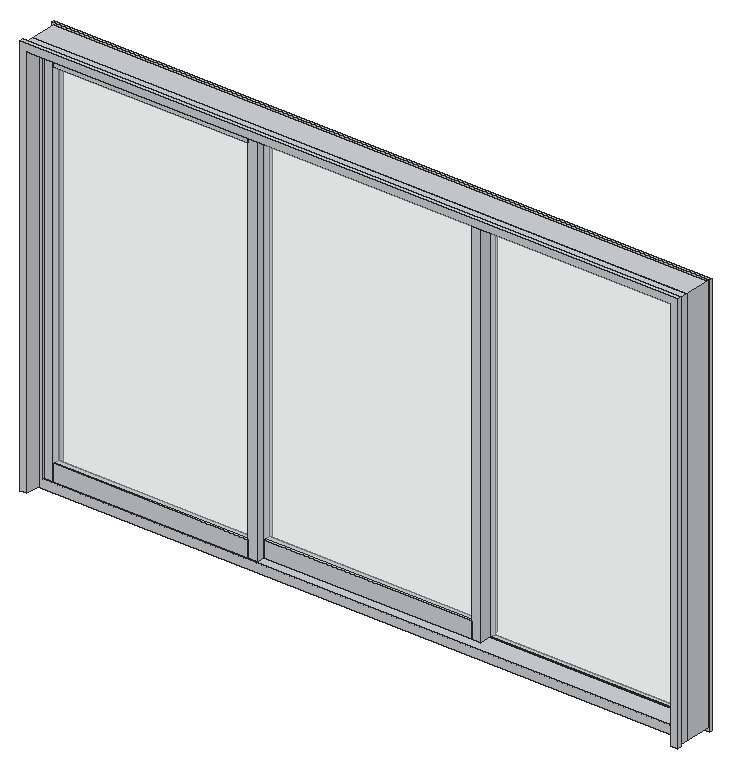
Revit family "APL Residential Thermal Heart Sliding Door SSF", category Doors, host Wall, Revit 2017 (continued)
Definition of nested family "APL Residential Thermal Heart Sliding Door SSF Horizontal Section"
  Definition of nested family "Reverse Interlocker"
    Lines and regions (mm)
      detail lines, in view "Ref. Level", not visible
        curve 14: line (36.179, -12.789, 0) -> (36.179, -14.039, 0)
        curve 15: line (36.179, -14.039, 0) -> (34.887, -14.039, 0)
        curve 16: line (34.887, -14.039, 0) -> (33.161, -9.933, 0)
    Nested families
      nested 1: "65500_Interlocker Stile" at (-26.59, -6.05, 0) x (-1, 0, 0) z (0, 0, 1), type "65500_Interlocker Stile", in view "Ref. Level"
      nested 2: "65510_Reverse Interlocker Stile" at (25.41, 0, 0) x (-1, 0, 0) z (0, 0, 1), type "65510_Reverse Interlocker Stile", in view "Ref. Level"
    Definition of nested family "65500_Interlocker Stile"
      Reference planes
        plane 1 "Center (Front/Back)": y = 0
        plane 2: z = 0
        plane 3 "Center (Left/Right)": x = 0
      Lines and regions (mm)
        model lines, in view "Ref. Level"
          curve 1: arc (-13.564, 1.218, 0) -> (-13.278, 1.262, 0) -> (-13.162, 1.526, 0) r 0.3
          curve 2: arc (-13.369, 3.892, 0) -> (-13.396, 3.992, 0) -> (-13.456, 4.078, 0) r 0.3
          curve 3: arc (-13.819, 4.441, 0) -> (-14.013, 4.493, 0) -> (-14.154, 4.352, 0) r 0.2
          curve 4: arc (-14.199, 4.184, 0) -> (-14.251, 4.095, 0) -> (-14.34, 4.043, 0) r 0.2
          curve 5: arc (-16.561, 3.5, 0) -> (-16.841, 3.693, 0) -> (-16.761, 4.024, 0) r 0.3
          curve 6: arc (-16.761, 4.024, 0) -> (-16.687, 4.125, 0) -> (-16.661, 4.247, 0) r 0.3
          curve 7: arc (-16.855, 8.25, 0) -> (-16.819, 8.422, 0) -> (-16.661, 8.5, 0) r 0.2
          curve 8: arc (-16.14, 8.5, 0) -> (-16.059, 8.489, 0) -> (-15.983, 8.456, 0) r 0.3
          curve 9: arc (-14.73, 7.691, 0) -> (-14.733, 7.521, 0) -> (-14.627, 7.389, 0) r 0.25
          curve 10: arc (-14.541, 7.337, 0) -> (-14.289, 7.332, 0) -> (-14.161, 7.549, 0) r 0.25
          curve 11: arc (-14.161, 7.8, 0) -> (-14.102, 7.941, 0) -> (-13.961, 8, 0) r 0.2
          curve 12: arc (-13.688, 8, 0) -> (-13.573, 8.036, 0) -> (-13.5, 8.132, 0) r 0.2
          curve 13: arc (-13.266, 8.775, 0) -> (-13.244, 8.859, 0) -> (-13.236, 8.946, 0) r 0.5
          curve 14: arc (-13.236, 9.9, 0) -> (-13.382, 10.254, 0) -> (-13.736, 10.4, 0) r 0.5
          curve 15: arc (-24.052, 10.4, 0) -> (-24.41, 10.544, 0) -> (-24.559, 10.9, 0) r 0.5
          curve 16: arc (-24.559, 14.446, 0) -> (-24.704, 14.802, 0) -> (-25.059, 14.95, 0) r 0.5
          curve 17: arc (-27.408, 14.95, 0) -> (-27.627, 14.823, 0) -> (-27.622, 14.57, 0) r 0.25
          curve 18: arc (-27.57, 14.484, 0) -> (-27.437, 14.378, 0) -> (-27.268, 14.381, 0) r 0.25
          curve 19: arc (-26.503, 13.127, 0) -> (-26.47, 13.052, 0) -> (-26.459, 12.971, 0) r 0.3
          curve 20: arc (-26.459, 12.45, 0) -> (-26.536, 12.292, 0) -> (-26.709, 12.256, 0) r 0.2
          curve 21: arc (-30.711, 12.45, 0) -> (-30.834, 12.424, 0) -> (-30.935, 12.35, 0) r 0.3
          curve 22: arc (-30.935, 12.35, 0) -> (-31.266, 12.27, 0) -> (-31.459, 12.55, 0) r 0.3
          curve 23: arc (-30.916, 14.771, 0) -> (-30.864, 14.86, 0) -> (-30.774, 14.912, 0) r 0.2
          curve 24: arc (-30.607, 14.957, 0) -> (-30.465, 15.098, 0) -> (-30.517, 15.291, 0) r 0.2
          curve 25: arc (-30.881, 15.655, 0) -> (-30.966, 15.715, 0) -> (-31.067, 15.742, 0) r 0.3
          curve 26: arc (-33.432, 15.949, 0) -> (-33.697, 15.833, 0) -> (-33.741, 15.547, 0) r 0.3
          curve 27: arc (-33.227, 14.137, 0) -> (-33.14, 14.011, 0) -> (-33.002, 13.945, 0) r 0.3
          curve 28: arc (-33.002, 13.945, 0) -> (-32.759, 13.672, 0) -> (-32.959, 13.367, 0) r 0.3
          curve 29: arc (-32.959, 12.624, 0) -> (-33.017, 12.482, 0) -> (-33.159, 12.424, 0) r 0.2
          curve 30: arc (-35.159, 12.424, 0) -> (-35.512, 12.277, 0) -> (-35.659, 11.924, 0) r 0.5
          curve 31: arc (-35.659, 10.05, 0) -> (-35.717, 9.908, 0) -> (-35.859, 9.85, 0) r 0.2
          curve 32: arc (-45.581, 9.85, 0) -> (-45.935, 9.996, 0) -> (-46.081, 10.349, 0) r 0.499
          curve 33: arc (-46.081, 10.75, 0) -> (-45.935, 11.104, 0) -> (-45.581, 11.25, 0) r 0.5
          curve 34: arc (-44.831, 11.25, 0) -> (-44.69, 11.309, 0) -> (-44.631, 11.45, 0) r 0.2
          curve 35: arc (-44.631, 12.05, 0) -> (-44.69, 12.191, 0) -> (-44.831, 12.25, 0) r 0.2
          curve 36: arc (-47.931, 12.25, 0) -> (-48.072, 12.191, 0) -> (-48.131, 12.05, 0) r 0.2
          curve 37: arc (-48.131, 11.45, 0) -> (-48.072, 11.309, 0) -> (-47.931, 11.25, 0) r 0.2
          curve 38: arc (-47.581, 11.25, 0) -> (-47.44, 11.191, 0) -> (-47.381, 11.05, 0) r 0.2
          curve 39: arc (-47.381, 10.45, 0) -> (-47.44, 10.309, 0) -> (-47.581, 10.25, 0) r 0.2
          curve 40: arc (-47.931, 10.25, 0) -> (-48.072, 10.191, 0) -> (-48.131, 10.05, 0) r 0.2
          curve 41: arc (-48.131, 9.749, 0) -> (-48.277, 9.395, 0) -> (-48.631, 9.249, 0) r 0.5
          curve 42: arc (-49.631, 9.249, 0) -> (-49.985, 9.395, 0) -> (-50.131, 9.749, 0) r 0.5
          curve 43: arc (-50.131, 10.05, 0) -> (-50.19, 10.191, 0) -> (-50.331, 10.25, 0) r 0.2
          curve 44: arc (-50.681, 10.25, 0) -> (-50.822, 10.309, 0) -> (-50.881, 10.45, 0) r 0.2
          curve 45: arc (-50.881, 11.05, 0) -> (-50.822, 11.191, 0) -> (-50.681, 11.25, 0) r 0.2
          curve 46: arc (-50.331, 11.25, 0) -> (-50.19, 11.309, 0) -> (-50.131, 11.45, 0) r 0.2
          curve 47: arc (-50.131, 12.05, 0) -> (-50.19, 12.191, 0) -> (-50.331, 12.25, 0) r 0.2
          curve 48: arc (-51.761, 12.25, 0) -> (-51.902, 12.191, 0) -> (-51.961, 12.05, 0) r 0.2
          curve 49: arc (-52.336, 8.799, 0) -> (-52.711, 8.424, 0) -> (-52.336, 8.049, 0) r 0.375
          curve 50: arc (-33.059, 8.05, 0) -> (-32.559, 8.55, 0) -> (-33.059, 9.05, 0) r 0.5
          curve 51: arc (-33.959, 9.05, 0) -> (-34.1, 9.109, 0) -> (-34.159, 9.25, 0) r 0.2
          curve 52: arc (-34.159, 10.35, 0) -> (-34.1, 10.491, 0) -> (-33.959, 10.55, 0) r 0.2
          curve 53: arc (-26.659, 10.55, 0) -> (-26.517, 10.491, 0) -> (-26.459, 10.35, 0) r 0.2
          curve 54: arc (-26.459, 9.25, 0) -> (-26.517, 9.109, 0) -> (-26.659, 9.05, 0) r 0.2
          curve 55: arc (-27.559, 9.05, 0) -> (-28.059, 8.55, 0) -> (-27.559, 8.05, 0) r 0.5
          curve 56: arc (-19.061, 8.05, 0) -> (-18.707, 7.904, 0) -> (-18.561, 7.55, 0) r 0.5
          curve 57: arc (-18.561, 2.6, 0) -> (-18.854, 1.893, 0) -> (-19.561, 1.6, 0) r 1
          curve 58: arc (-28.809, 1.6, 0) -> (-29.609, 0.8, 0) -> (-28.809, 0, 0) r 0.8
          curve 59: arc (-17.661, 0, 0) -> (-16.954, 0.293, 0) -> (-16.661, 1, 0) r 1
          curve 60: arc (-16.661, 1.8, 0) -> (-16.602, 1.941, 0) -> (-16.461, 2, 0) r 0.2
          curve 61: arc (-15.744, 2, 0) -> (-15.438, 2.199, 0) -> (-15.166, 1.957, 0) r 0.3
          curve 62: arc (-15.166, 1.957, 0) -> (-15.1, 1.819, 0) -> (-14.974, 1.732, 0) r 0.3
          curve 63: line (-13.162, 1.526, 0) -> (-13.369, 3.892, 0)
          curve 64: line (-13.456, 4.078, 0) -> (-13.819, 4.441, 0)
          curve 65: line (-14.154, 4.352, 0) -> (-14.199, 4.184, 0)
          curve 66: line (-14.199, 4.184, 0) -> (-16.329, 3.51, 0)
          curve 67: line (-16.329, 3.51, 0) -> (-16.561, 3.5, 0)
          curve 68: line (-16.661, 4.247, 0) -> (-16.661, 7.475, 0)
          curve 69: line (-16.661, 7.475, 0) -> (-16.855, 8.25, 0)
          curve 70: line (-16.661, 8.5, 0) -> (-16.14, 8.5, 0)
          curve 71: line (-16.14, 8.5, 0) -> (-14.73, 7.691, 0)
          curve 72: line (-14.161, 7.549, 0) -> (-14.161, 7.8, 0)
          curve 73: line (-13.961, 8, 0) -> (-13.688, 8, 0)
          curve 74: line (-13.5, 8.132, 0) -> (-13.266, 8.775, 0)
          curve 75: line (-13.236, 8.946, 0) -> (-13.236, 9.9, 0)
          curve 76: line (-13.736, 10.4, 0) -> (-24.052, 10.4, 0)
          curve 77: line (-24.559, 10.9, 0) -> (-24.559, 14.446, 0)
          curve 78: line (-25.059, 14.95, 0) -> (-27.408, 14.95, 0)
          curve 79: line (-27.268, 14.381, 0) -> (-26.503, 13.127, 0)
          curve 80: line (-26.503, 13.127, 0) -> (-26.459, 12.45, 0)
          curve 81: line (-26.709, 12.256, 0) -> (-27.459, 12.45, 0)
          curve 82: line (-27.434, 12.444, 0) -> (-30.711, 12.45, 0)
          curve 83: line (-31.459, 12.704, 0) -> (-30.916, 14.771, 0)
          curve 84: line (-30.916, 14.771, 0) -> (-30.607, 14.957, 0)
          curve 85: line (-30.517, 15.291, 0) -> (-30.881, 15.655, 0)
          curve 86: line (-31.067, 15.742, 0) -> (-33.432, 15.949, 0)
          curve 87: line (-33.741, 15.547, 0) -> (-33.227, 14.137, 0)
          curve 88: line (-32.959, 13.367, 0) -> (-32.959, 12.624, 0)
          curve 89: line (-33.159, 12.424, 0) -> (-35.159, 12.424, 0)
          curve 90: line (-35.659, 11.924, 0) -> (-35.659, 10.05, 0)
          curve 91: line (-35.859, 9.85, 0) -> (-45.581, 9.85, 0)
          curve 92: line (-46.081, 10.349, 0) -> (-46.081, 10.75, 0)
          curve 93: line (-45.581, 11.25, 0) -> (-44.831, 11.25, 0)
          curve 94: line (-44.631, 11.45, 0) -> (-44.631, 12.05, 0)
          curve 95: line (-44.831, 12.25, 0) -> (-47.931, 12.25, 0)
          curve 96: line (-48.131, 12.05, 0) -> (-48.131, 11.45, 0)
          curve 97: line (-47.931, 11.25, 0) -> (-47.581, 11.25, 0)
          curve 98: line (-47.381, 11.05, 0) -> (-47.381, 10.45, 0)
          curve 99: line (-47.581, 10.25, 0) -> (-47.931, 10.25, 0)
          curve 100: line (-48.131, 10.05, 0) -> (-48.131, 9.749, 0)
          curve 101: line (-48.631, 9.249, 0) -> (-49.631, 9.249, 0)
          curve 102: line (-50.131, 9.749, 0) -> (-50.131, 10.05, 0)
          curve 103: line (-50.331, 10.25, 0) -> (-50.681, 10.25, 0)
          curve 104: line (-50.881, 10.45, 0) -> (-50.881, 11.05, 0)
          curve 105: line (-50.681, 11.25, 0) -> (-50.331, 11.25, 0)
          curve 106: line (-50.131, 11.45, 0) -> (-50.131, 12.05, 0)
          curve 107: line (-50.331, 12.25, 0) -> (-51.761, 12.25, 0)
          curve 108: line (-51.961, 12.05, 0) -> (-51.961, 8.799, 0)
          curve 109: line (-51.961, 8.799, 0) -> (-52.336, 8.799, 0)
          curve 110: line (-52.336, 8.049, 0) -> (-33.059, 8.049, 0)
          curve 111: line (-33.059, 9.05, 0) -> (-33.959, 9.05, 0)
          curve 112: line (-34.159, 9.25, 0) -> (-34.159, 10.35, 0)
          curve 113: line (-33.959, 10.55, 0) -> (-26.659, 10.55, 0)
          curve 114: line (-26.459, 10.35, 0) -> (-26.459, 9.25, 0)
          curve 115: line (-26.659, 9.05, 0) -> (-27.559, 9.05, 0)
          curve 116: line (-27.559, 8.05, 0) -> (-19.061, 8.05, 0)
          curve 117: line (-18.561, 7.55, 0) -> (-18.561, 2.6, 0)
          curve 118: line (-19.561, 1.6, 0) -> (-28.809, 1.6, 0)
          curve 119: line (-28.809, 0, 0) -> (-17.661, 0, 0)
          curve 120: line (-16.661, 1, 0) -> (-16.661, 1.8, 0)
          curve 121: line (-16.461, 2, 0) -> (-15.744, 2, 0)
          curve 122: line (-14.974, 1.732, 0) -> (-13.564, 1.218, 0)
          curve 123: arc (-31.398, 41.7, 0) -> (-31.251, 42.054, 0) -> (-30.898, 42.2, 0) r 0.5
          curve 124: arc (-2.1, 42.2, 0) -> (-1.746, 42.054, 0) -> (-1.6, 41.7, 0) r 0.5
          curve 125: arc (-1.6, 10.9, 0) -> (-1.746, 10.546, 0) -> (-2.1, 10.4, 0) r 0.5
          curve 126: arc (-4.86, 10.4, 0) -> (-5.213, 10.254, 0) -> (-5.36, 9.9, 0) r 0.5
          curve 127: arc (-5.36, 9.042, 0) -> (-5.352, 8.955, 0) -> (-5.33, 8.871, 0) r 0.5
          curve 128: arc (-5.061, 8.132, 0) -> (-4.987, 8.036, 0) -> (-4.873, 8, 0) r 0.2
          curve 129: arc (-4.6, 8, 0) -> (-4.459, 7.941, 0) -> (-4.4, 7.8, 0) r 0.2
          curve 130: arc (-4.4, 7.55, 0) -> (-4.272, 7.332, 0) -> (-4.02, 7.337, 0) r 0.25
          curve 131: arc (-3.934, 7.389, 0) -> (-3.828, 7.521, 0) -> (-3.831, 7.691, 0) r 0.25
          curve 132: arc (-2.577, 8.456, 0) -> (-2.502, 8.489, 0) -> (-2.421, 8.5, 0) r 0.3
          curve 133: arc (-1.9, 8.5, 0) -> (-1.742, 8.422, 0) -> (-1.706, 8.25, 0) r 0.2
          curve 134: arc (-1.9, 4.247, 0) -> (-1.874, 4.125, 0) -> (-1.8, 4.024, 0) r 0.3
          curve 135: arc (-1.8, 4.024, 0) -> (-1.72, 3.693, 0) -> (-2, 3.5, 0) r 0.3
          curve 136: arc (-4.221, 4.043, 0) -> (-4.31, 4.095, 0) -> (-4.362, 4.184, 0) r 0.2
          curve 137: arc (-4.407, 4.352, 0) -> (-4.548, 4.493, 0) -> (-4.741, 4.441, 0) r 0.2
          curve 138: arc (-5.105, 4.078, 0) -> (-5.165, 3.992, 0) -> (-5.192, 3.892, 0) r 0.3
          curve 139: arc (-5.399, 1.526, 0) -> (-5.283, 1.262, 0) -> (-4.997, 1.218, 0) r 0.3
          curve 140: arc (-3.587, 1.732, 0) -> (-3.461, 1.819, 0) -> (-3.395, 1.957, 0) r 0.3
          curve 141: arc (-3.395, 1.957, 0) -> (-3.122, 2.199, 0) -> (-2.817, 2, 0) r 0.3
          curve 142: arc (-2.1, 2, 0) -> (-1.959, 1.941, 0) -> (-1.9, 1.8, 0) r 0.2
          curve 143: arc (-1.9, 1, 0) -> (-1.607, 0.293, 0) -> (-0.9, 0, 0) r 1
          curve 144: arc (-0.5, 0, 0) -> (-0.146, 0.146, 0) -> (0, 0.5, 0) r 0.5
          curve 145: arc (0, 43, 0) -> (-0.293, 43.707, 0) -> (-1, 44, 0) r 1
          curve 146: arc (-52.375, 44, 0) -> (-52.75, 43.625, 0) -> (-52.375, 43.25, 0) r 0.375
          curve 147: arc (-52, 42.15, 0) -> (-51.941, 42.009, 0) -> (-51.8, 41.95, 0) r 0.2
          curve 148: arc (-50.962, 40.688, 0) -> (-50.917, 40.558, 0) -> (-50.797, 40.488, 0) r 0.2
          curve 149: arc (-48.613, 40.25, 0) -> (-48.454, 40.328, 0) -> (-48.42, 40.502, 0) r 0.2
          curve 150: arc (-48.808, 41.948, 0) -> (-48.773, 42.122, 0) -> (-48.615, 42.2, 0) r 0.2
          curve 151: arc (-33.498, 42.2, 0) -> (-33.144, 42.054, 0) -> (-32.998, 41.7, 0) r 0.5
          curve 152: arc (-32.998, 35.05, 0) -> (-32.939, 34.909, 0) -> (-32.798, 34.85, 0) r 0.2
          curve 153: arc (-26.398, 34.85, 0) -> (-26.256, 34.792, 0) -> (-26.198, 34.65, 0) r 0.2
          curve 154: arc (-26.198, 29.353, 0) -> (-26.255, 29.21, 0) -> (-26.398, 29.15, 0) r 0.2
          curve 155: arc (-32.798, 29.15, 0) -> (-32.939, 29.091, 0) -> (-32.998, 28.95, 0) r 0.2
          curve 156: arc (-32.998, 26.333, 0) -> (-32.799, 26.028, 0) -> (-33.041, 25.755, 0) r 0.3
          curve 157: arc (-33.041, 25.755, 0) -> (-33.179, 25.689, 0) -> (-33.266, 25.563, 0) r 0.3
          curve 158: arc (-33.78, 24.153, 0) -> (-33.736, 23.867, 0) -> (-33.472, 23.751, 0) r 0.3
          curve 159: arc (-31.106, 23.958, 0) -> (-31.005, 23.985, 0) -> (-30.92, 24.045, 0) r 0.3
          curve 160: arc (-30.556, 24.409, 0) -> (-30.505, 24.602, 0) -> (-30.646, 24.743, 0) r 0.2
          curve 161: arc (-30.813, 24.788, 0) -> (-30.903, 24.84, 0) -> (-30.955, 24.929, 0) r 0.2
          curve 162: arc (-31.498, 27.15, 0) -> (-31.305, 27.43, 0) -> (-30.974, 27.35, 0) r 0.3
          curve 163: arc (-30.974, 27.35, 0) -> (-30.873, 27.276, 0) -> (-30.75, 27.25, 0) r 0.3
          curve 164: arc (-26.748, 27.444, 0) -> (-26.575, 27.408, 0) -> (-26.498, 27.25, 0) r 0.2
          curve 165: arc (-26.498, 26.729, 0) -> (-26.509, 26.648, 0) -> (-26.542, 26.573, 0) r 0.3
          curve 166: arc (-27.307, 25.319, 0) -> (-27.477, 25.322, 0) -> (-27.609, 25.216, 0) r 0.25
          curve 167: arc (-27.661, 25.13, 0) -> (-27.666, 24.878, 0) -> (-27.448, 24.75, 0) r 0.25
          curve 168: arc (-25.098, 24.75, 0) -> (-24.744, 24.896, 0) -> (-24.598, 25.25, 0) r 0.5
          curve 169: arc (-24.598, 36.25, 0) -> (-24.656, 36.391, 0) -> (-24.798, 36.45, 0) r 0.2
          curve 170: line (-31.398, 36.65, 0) -> (-31.398, 41.7, 0)
          curve 171: line (-30.898, 42.2, 0) -> (-2.1, 42.2, 0)
          curve 172: line (-1.6, 41.7, 0) -> (-1.6, 10.9, 0)
          curve 173: line (-2.1, 10.4, 0) -> (-4.86, 10.4, 0)
          curve 174: line (-5.36, 9.9, 0) -> (-5.36, 9.042, 0)
          curve 175: line (-5.33, 8.871, 0) -> (-5.061, 8.132, 0)
          curve 176: line (-4.873, 8, 0) -> (-4.6, 8, 0)
          curve 177: line (-4.4, 7.8, 0) -> (-4.4, 7.55, 0)
          curve 178: line (-3.831, 7.691, 0) -> (-2.577, 8.456, 0)
          curve 179: line (-2.577, 8.456, 0) -> (-1.9, 8.5, 0)
          curve 180: line (-1.706, 8.25, 0) -> (-1.894, 7.525, 0)
          curve 181: line (-1.894, 7.525, 0) -> (-1.9, 4.247, 0)
          curve 182: line (-2.154, 3.5, 0) -> (-4.221, 4.043, 0)
          curve 183: line (-4.221, 4.043, 0) -> (-4.407, 4.352, 0)
          curve 184: line (-4.741, 4.441, 0) -> (-5.105, 4.078, 0)
          curve 185: line (-5.192, 3.892, 0) -> (-5.399, 1.526, 0)
          curve 186: line (-4.997, 1.218, 0) -> (-3.587, 1.732, 0)
          curve 187: line (-2.817, 2, 0) -> (-2.1, 2, 0)
          curve 188: line (-1.9, 1.8, 0) -> (-1.9, 1, 0)
          curve 189: line (-0.9, 0, 0) -> (-0.5, 0, 0)
          curve 190: line (0, 0.5, 0) -> (0, 43, 0)
          curve 191: line (-1, 44, 0) -> (-52.375, 44, 0)
          curve 192: line (-52.375, 43.25, 0) -> (-52, 43.25, 0)
          curve 193: line (-52, 43.25, 0) -> (-52, 42.15, 0)
          curve 194: line (-51.8, 41.95, 0) -> (-50.962, 41.95, 0)
          curve 195: line (-50.962, 41.95, 0) -> (-50.962, 40.688, 0)
          curve 196: line (-50.797, 40.488, 0) -> (-49.444, 40.25, 0)
          curve 197: line (-49.444, 40.25, 0) -> (-48.613, 40.25, 0)
          curve 198: line (-48.42, 40.502, 0) -> (-48.808, 41.948, 0)
          curve 199: line (-48.615, 42.2, 0) -> (-33.498, 42.2, 0)
          curve 200: line (-32.998, 41.7, 0) -> (-32.998, 35.05, 0)
          curve 201: line (-32.798, 34.85, 0) -> (-26.398, 34.85, 0)
          curve 202: line (-26.198, 34.65, 0) -> (-26.198, 29.353, 0)
          curve 203: line (-26.398, 29.15, 0) -> (-32.798, 29.15, 0)
          curve 204: line (-32.998, 28.95, 0) -> (-32.998, 26.333, 0)
          curve 205: line (-33.266, 25.563, 0) -> (-33.78, 24.153, 0)
          curve 206: line (-33.472, 23.751, 0) -> (-31.106, 23.958, 0)
          curve 207: line (-30.92, 24.045, 0) -> (-30.556, 24.409, 0)
          curve 208: line (-30.646, 24.743, 0) -> (-30.813, 24.788, 0)
          curve 209: line (-30.813, 24.788, 0) -> (-31.487, 26.918, 0)
          curve 210: line (-31.487, 26.918, 0) -> (-31.498, 27.15, 0)
          curve 211: line (-30.75, 27.25, 0) -> (-27.523, 27.25, 0)
          curve 212: line (-27.523, 27.25, 0) -> (-26.748, 27.444, 0)
          curve 213: line (-26.498, 27.25, 0) -> (-26.498, 26.729, 0)
          curve 214: line (-26.498, 26.729, 0) -> (-27.307, 25.319, 0)
          curve 215: line (-27.448, 24.75, 0) -> (-25.098, 24.75, 0)
          curve 216: line (-24.598, 25.25, 0) -> (-24.598, 36.25, 0)
          curve 217: line (-24.798, 36.45, 0) -> (-31.197, 36.45, 0)
          curve 218: arc (-31.197, 36.45, 0) -> (-31.339, 36.508, 0) -> (-31.398, 36.65, 0) r 0.2
          curve 219: arc (-27.398, 12.45, 0) -> (-27.115, 12.567, 0) -> (-26.998, 12.85, 0) r 0.4
          curve 220: arc (-26.998, 13.143, 0) -> (-27.011, 13.246, 0) -> (-27.052, 13.343, 0) r 0.4
          curve 221: arc (-27.936, 14.871, 0) -> (-28.057, 15.161, 0) -> (-28.098, 15.472, 0) r 1.2
          curve 222: arc (-28.098, 16.395, 0) -> (-28.279, 16.968, 0) -> (-28.756, 17.334, 0) r 1
          curve 223: arc (-30.935, 18.127, 0) -> (-31.125, 18.274, 0) -> (-31.198, 18.503, 0) r 0.4
          curve 224: arc (-31.198, 21.197, 0) -> (-31.125, 21.426, 0) -> (-30.935, 21.573, 0) r 0.4
          curve 225: arc (-28.756, 22.366, 0) -> (-28.279, 22.732, 0) -> (-28.098, 23.305, 0) r 1
          curve 226: arc (-28.098, 24.228, 0) -> (-28.057, 24.539, 0) -> (-27.936, 24.829, 0) r 1.2
          curve 227: arc (-27.052, 26.357, 0) -> (-27.011, 26.454, 0) -> (-26.998, 26.557, 0) r 0.4
          curve 228: arc (-26.998, 26.85, 0) -> (-27.115, 27.133, 0) -> (-27.398, 27.25, 0) r 0.4
          curve 229: arc (-30.798, 27.25, 0) -> (-31.081, 27.133, 0) -> (-31.198, 26.85, 0) r 0.4
          curve 230: arc (-31.198, 26.557, 0) -> (-31.184, 26.454, 0) -> (-31.144, 26.357, 0) r 0.4
          curve 231: arc (-30.259, 24.829, 0) -> (-30.138, 24.535, 0) -> (-30.098, 24.22, 0) r 1.2
          curve 232: arc (-30.098, 24.22, 0) -> (-30.151, 24.045, 0) -> (-30.295, 23.934, 0) r 0.3
          curve 233: arc (-32.735, 23.046, 0) -> (-32.925, 22.899, 0) -> (-32.998, 22.67, 0) r 0.4
          curve 234: arc (-32.998, 17.03, 0) -> (-32.925, 16.801, 0) -> (-32.735, 16.654, 0) r 0.4
          curve 235: arc (-30.295, 15.766, 0) -> (-30.151, 15.655, 0) -> (-30.098, 15.48, 0) r 0.3
          curve 236: arc (-30.098, 15.48, 0) -> (-30.138, 15.165, 0) -> (-30.259, 14.871, 0) r 1.2
          curve 237: arc (-31.144, 13.343, 0) -> (-31.184, 13.246, 0) -> (-31.198, 13.143, 0) r 0.4
          curve 238: arc (-31.198, 12.85, 0) -> (-31.081, 12.567, 0) -> (-30.798, 12.45, 0) r 0.4
          curve 239: line (-26.998, 12.85, 0) -> (-26.998, 13.143, 0)
          curve 240: line (-27.052, 13.343, 0) -> (-27.936, 14.871, 0)
          curve 241: line (-28.098, 15.472, 0) -> (-28.098, 16.395, 0)
          curve 242: line (-28.756, 17.334, 0) -> (-30.935, 18.127, 0)
          curve 243: line (-31.198, 18.503, 0) -> (-31.198, 21.197, 0)
          curve 244: line (-30.935, 21.573, 0) -> (-28.756, 22.366, 0)
          curve 245: line (-28.098, 23.305, 0) -> (-28.098, 24.228, 0)
          curve 246: line (-27.936, 24.829, 0) -> (-27.052, 26.357, 0)
          curve 247: line (-26.998, 26.557, 0) -> (-26.998, 26.85, 0)
          curve 248: line (-27.398, 27.25, 0) -> (-30.798, 27.25, 0)
          curve 249: line (-31.198, 26.85, 0) -> (-31.198, 26.557, 0)
          curve 250: line (-31.144, 26.357, 0) -> (-30.259, 24.829, 0)
          curve 251: line (-30.295, 23.934, 0) -> (-32.735, 23.046, 0)
          curve 252: line (-32.998, 22.67, 0) -> (-32.998, 17.03, 0)
          curve 253: line (-32.735, 16.654, 0) -> (-30.295, 15.766, 0)
          curve 254: line (-30.259, 14.871, 0) -> (-31.144, 13.343, 0)
          curve 255: line (-31.198, 13.143, 0) -> (-31.198, 12.85, 0)
          curve 256: line (-30.798, 12.45, 0) -> (-27.398, 12.45, 0)
          curve 257: arc (-16.7, 4.122, 0) -> (-16.583, 3.839, 0) -> (-16.3, 3.722, 0) r 0.4
          curve 258: arc (-16.007, 3.722, 0) -> (-15.904, 3.736, 0) -> (-15.807, 3.776, 0) r 0.4
          curve 259: arc (-14.279, 4.66, 0) -> (-13.989, 4.781, 0) -> (-13.678, 4.822, 0) r 1.2
          curve 260: arc (-12.755, 4.822, 0) -> (-12.182, 5.003, 0) -> (-11.816, 5.48, 0) r 1
          curve 261: arc (-11.023, 7.659, 0) -> (-10.876, 7.849, 0) -> (-10.647, 7.922, 0) r 0.4
          curve 262: arc (-7.953, 7.922, 0) -> (-7.724, 7.849, 0) -> (-7.577, 7.659, 0) r 0.4
          curve 263: arc (-6.784, 5.48, 0) -> (-6.418, 5.003, 0) -> (-5.845, 4.822, 0) r 1
          curve 264: arc (-4.922, 4.822, 0) -> (-4.611, 4.781, 0) -> (-4.321, 4.66, 0) r 1.2
          curve 265: arc (-2.793, 3.776, 0) -> (-2.696, 3.736, 0) -> (-2.593, 3.722, 0) r 0.4
          curve 266: arc (-2.3, 3.722, 0) -> (-2.017, 3.839, 0) -> (-1.9, 4.122, 0) r 0.4
          curve 267: arc (-1.9, 7.522, 0) -> (-2.017, 7.805, 0) -> (-2.3, 7.922, 0) r 0.4
          curve 268: arc (-2.593, 7.922, 0) -> (-2.696, 7.908, 0) -> (-2.793, 7.868, 0) r 0.4
          curve 269: arc (-4.321, 6.983, 0) -> (-4.615, 6.862, 0) -> (-4.93, 6.822, 0) r 1.2
          curve 270: arc (-4.93, 6.822, 0) -> (-5.105, 6.875, 0) -> (-5.216, 7.019, 0) r 0.3
          curve 271: arc (-6.104, 9.459, 0) -> (-6.251, 9.649, 0) -> (-6.48, 9.722, 0) r 0.4
          curve 272: arc (-12.12, 9.722, 0) -> (-12.349, 9.649, 0) -> (-12.496, 9.459, 0) r 0.4
          curve 273: arc (-13.384, 7.019, 0) -> (-13.495, 6.875, 0) -> (-13.67, 6.822, 0) r 0.3
          curve 274: arc (-13.67, 6.822, 0) -> (-13.985, 6.862, 0) -> (-14.279, 6.983, 0) r 1.2
          curve 275: arc (-15.807, 7.868, 0) -> (-15.904, 7.908, 0) -> (-16.007, 7.922, 0) r 0.4
          curve 276: arc (-16.3, 7.922, 0) -> (-16.583, 7.805, 0) -> (-16.7, 7.522, 0) r 0.4
          curve 277: line (-16.3, 3.722, 0) -> (-16.007, 3.722, 0)
          curve 278: line (-15.807, 3.776, 0) -> (-14.279, 4.66, 0)
          curve 279: line (-13.678, 4.822, 0) -> (-12.755, 4.822, 0)
          curve 280: line (-11.816, 5.48, 0) -> (-11.023, 7.659, 0)
          curve 281: line (-10.647, 7.922, 0) -> (-7.953, 7.922, 0)
          curve 282: line (-7.577, 7.659, 0) -> (-6.784, 5.48, 0)
          curve 283: line (-5.845, 4.822, 0) -> (-4.922, 4.822, 0)
          curve 284: line (-4.321, 4.66, 0) -> (-2.793, 3.776, 0)
          curve 285: line (-2.593, 3.722, 0) -> (-2.3, 3.722, 0)
          curve 286: line (-1.9, 4.122, 0) -> (-1.9, 7.522, 0)
          curve 287: line (-2.3, 7.922, 0) -> (-2.593, 7.922, 0)
          curve 288: line (-2.793, 7.868, 0) -> (-4.321, 6.983, 0)
          curve 289: line (-5.216, 7.019, 0) -> (-6.104, 9.459, 0)
          curve 290: line (-6.48, 9.722, 0) -> (-12.12, 9.722, 0)
          curve 291: line (-12.496, 9.459, 0) -> (-13.384, 7.019, 0)
          curve 292: line (-14.279, 6.983, 0) -> (-15.807, 7.868, 0)
          curve 293: line (-16.007, 7.922, 0) -> (-16.3, 7.922, 0)
          curve 294: line (-16.7, 7.522, 0) -> (-16.7, 4.122, 0)
      Text (mm)
        text "65500" at (-34.845, 58.95, 0), in view "Ref. Level"
    Definition of nested family "65510_Reverse Interlocker Stile"
      Reference planes
        plane 1 "Center (Front/Back)": y = 0
        plane 2: z = 0
        plane 3 "Center (Left/Right)": x = 0
      Lines and regions (mm)
        model lines, in view "Ref. Level"
          curve 1: arc (1.945, -44.438, 0) -> (2.11, -44.125, 0) -> (2.441, -44, 0) r 0.5
          curve 2: arc (30.752, -44, 0) -> (31.106, -44.146, 0) -> (31.252, -44.5, 0) r 0.5
          curve 3: arc (31.252, -83.299, 0) -> (30.959, -84.006, 0) -> (30.252, -84.299, 0) r 1
          curve 4: arc (2.5, -84.299, 0) -> (1.793, -84.006, 0) -> (1.5, -83.299, 0) r 1
          curve 5: arc (0, -0.45, 0) -> (0.146, -0.096, 0) -> (0.5, 0.05, 0) r 0.5
          curve 6: arc (0.9, 0.05, 0) -> (1.607, -0.243, 0) -> (1.9, -0.95, 0) r 1
          curve 7: arc (1.9, -1.8, 0) -> (1.959, -1.941, 0) -> (2.1, -2, 0) r 0.2
          curve 8: arc (2.817, -2, 0) -> (3.122, -2.199, 0) -> (3.395, -1.957, 0) r 0.3
          curve 9: arc (3.395, -1.957, 0) -> (3.461, -1.819, 0) -> (3.587, -1.732, 0) r 0.3
          curve 10: arc (5.858, -0.905, 0) -> (6.755, -1.323, 0) -> (6.337, -2.221, 0) r 0.7
          curve 11: arc (5.681, -2.459, 0) -> (5.512, -2.614, 0) -> (5.502, -2.844, 0) r 0.3
          curve 12: arc (5.778, -3.603, 0) -> (5.761, -3.846, 0) -> (5.57, -3.997, 0) r 0.3
          curve 13: arc (5.57, -3.997, 0) -> (5.339, -4.046, 0) -> (5.105, -4.078, 0) r 3.208
          curve 14: arc (4.741, -4.441, 0) -> (4.548, -4.493, 0) -> (4.407, -4.352, 0) r 0.2
          curve 15: arc (4.362, -4.184, 0) -> (4.31, -4.095, 0) -> (4.221, -4.043, 0) r 0.2
          curve 16: arc (2, -3.5, 0) -> (1.72, -3.693, 0) -> (1.8, -4.024, 0) r 0.3
          curve 17: arc (1.8, -4.024, 0) -> (1.874, -4.125, 0) -> (1.9, -4.247, 0) r 0.3
          curve 18: arc (1.706, -8.25, 0) -> (1.742, -8.422, 0) -> (1.9, -8.5, 0) r 0.2
          curve 19: arc (2.421, -8.5, 0) -> (2.502, -8.489, 0) -> (2.577, -8.456, 0) r 0.3
          curve 20: arc (3.831, -7.691, 0) -> (3.828, -7.521, 0) -> (3.934, -7.389, 0) r 0.25
          curve 21: arc (4.02, -7.337, 0) -> (4.272, -7.332, 0) -> (4.4, -7.55, 0) r 0.25
          curve 22: arc (4.4, -7.8, 0) -> (4.459, -7.941, 0) -> (4.6, -8, 0) r 0.2
          curve 23: arc (4.873, -8, 0) -> (4.987, -8.036, 0) -> (5.061, -8.132, 0) r 0.2
          curve 24: arc (5.348, -8.92, 0) -> (5.349, -9.055, 0) -> (5.264, -9.159, 0) r 0.2
          curve 25: arc (3.308, -10.354, 0) -> (3.057, -10.463, 0) -> (2.787, -10.5, 0) r 1
          curve 26: arc (1.701, -10.5, 0) -> (1.559, -10.558, 0) -> (1.5, -10.7, 0) r 0.2
          curve 27: arc (1.945, -41.762, 0) -> (2.11, -42.075, 0) -> (2.441, -42.2, 0) r 0.5
          curve 28: arc (25.233, -42.2, 0) -> (25.71, -41.85, 0) -> (25.519, -41.29, 0) r 0.5
          curve 29: arc (25.519, -41.29, 0) -> (24.871, -40.553, 0) -> (24.637, -39.599, 0) r 2.063
          curve 30: arc (24.637, -38.487, 0) -> (24.675, -38.217, 0) -> (24.784, -37.966, 0) r 1
          curve 31: arc (25.021, -37.578, 0) -> (25.385, -37.227, 0) -> (25.874, -37.099, 0) r 1
          curve 32: arc (27.45, -37.099, 0) -> (27.668, -37.226, 0) -> (27.663, -37.479, 0) r 0.25
          curve 33: arc (27.611, -37.565, 0) -> (27.479, -37.671, 0) -> (27.309, -37.668, 0) r 0.25
          curve 34: arc (26.544, -38.922, 0) -> (26.511, -38.997, 0) -> (26.5, -39.078, 0) r 0.3
          curve 35: arc (26.5, -39.599, 0) -> (26.578, -39.757, 0) -> (26.75, -39.793, 0) r 0.2
          curve 36: arc (30.753, -39.599, 0) -> (30.875, -39.625, 0) -> (30.976, -39.699, 0) r 0.3
          curve 37: arc (30.976, -39.699, 0) -> (31.307, -39.779, 0) -> (31.5, -39.499, 0) r 0.3
          curve 38: arc (30.957, -37.278, 0) -> (30.905, -37.189, 0) -> (30.816, -37.137, 0) r 0.2
          curve 39: arc (30.648, -37.092, 0) -> (30.507, -36.951, 0) -> (30.559, -36.758, 0) r 0.2
          curve 40: arc (30.922, -36.394, 0) -> (31.008, -36.334, 0) -> (31.108, -36.307, 0) r 0.3
          curve 41: arc (33.474, -36.1, 0) -> (33.738, -36.216, 0) -> (33.782, -36.502, 0) r 0.3
          curve 42: arc (33.268, -37.912, 0) -> (33.181, -38.038, 0) -> (33.043, -38.104, 0) r 0.3
          curve 43: arc (33.043, -38.104, 0) -> (32.801, -38.377, 0) -> (33, -38.682, 0) r 0.3
          curve 44: arc (33, -41.699, 0) -> (33.146, -42.053, 0) -> (33.5, -42.199, 0) r 0.5
          curve 45: arc (45.599, -42.199, 0) -> (45.967, -42.062, 0) -> (46.122, -41.7, 0) r 0.5
          curve 46: arc (46.122, -41.299, 0) -> (45.976, -40.945, 0) -> (45.622, -40.799, 0) r 0.5
          curve 47: arc (44.872, -40.799, 0) -> (44.731, -40.74, 0) -> (44.672, -40.599, 0) r 0.2
          curve 48: arc (44.672, -39.999, 0) -> (44.731, -39.858, 0) -> (44.872, -39.799, 0) r 0.2
          curve 49: arc (47.972, -39.799, 0) -> (48.114, -39.858, 0) -> (48.172, -39.999, 0) r 0.2
          curve 50: arc (48.172, -40.599, 0) -> (48.114, -40.74, 0) -> (47.972, -40.799, 0) r 0.2
          curve 51: arc (47.622, -40.799, 0) -> (47.481, -40.858, 0) -> (47.422, -40.999, 0) r 0.2
          curve 52: arc (47.422, -41.599, 0) -> (47.481, -41.74, 0) -> (47.622, -41.799, 0) r 0.2
          curve 53: arc (47.972, -41.799, 0) -> (48.114, -41.858, 0) -> (48.172, -41.999, 0) r 0.2
          curve 54: arc (48.172, -42.3, 0) -> (48.319, -42.654, 0) -> (48.672, -42.8, 0) r 0.5
          curve 55: arc (49.672, -42.8, 0) -> (50.026, -42.654, 0) -> (50.172, -42.3, 0) r 0.5
          curve 56: arc (50.172, -41.999, 0) -> (50.231, -41.858, 0) -> (50.372, -41.799, 0) r 0.2
          curve 57: arc (50.722, -41.799, 0) -> (50.864, -41.74, 0) -> (50.922, -41.599, 0) r 0.2
          curve 58: arc (50.922, -40.999, 0) -> (50.864, -40.858, 0) -> (50.722, -40.799, 0) r 0.2
          curve 59: arc (50.372, -40.799, 0) -> (50.231, -40.74, 0) -> (50.172, -40.599, 0) r 0.2
          curve 60: arc (50.172, -39.999, 0) -> (50.231, -39.858, 0) -> (50.372, -39.799, 0) r 0.2
          curve 61: arc (51.802, -39.799, 0) -> (51.944, -39.858, 0) -> (52.002, -39.999, 0) r 0.2
          curve 62: arc (52.377, -43.25, 0) -> (52.752, -43.625, 0) -> (52.377, -44, 0) r 0.375
          curve 63: arc (33.252, -44, 0) -> (32.899, -44.146, 0) -> (32.752, -44.5, 0) r 0.5
          curve 64: arc (32.752, -86.299, 0) -> (32.167, -87.713, 0) -> (30.752, -88.299, 0) r 2
          curve 65: arc (2, -88.299, 0) -> (0.586, -87.713, 0) -> (0, -86.299, 0) r 2
          curve 66: line (1.5, -83.299, 0) -> (1.5, -48, 0)
          curve 67: line (1.5, -48, 0) -> (1.945, -44.438, 0)
          curve 68: line (2.441, -44, 0) -> (30.752, -44, 0)
          curve 69: line (31.252, -44.5, 0) -> (31.252, -83.299, 0)
          curve 70: line (30.252, -84.299, 0) -> (2.5, -84.299, 0)
          curve 71: line (0.5, 0.05, 0) -> (0.9, 0.05, 0)
          curve 72: line (1.9, -0.95, 0) -> (1.9, -1.8, 0)
          curve 73: line (2.1, -2, 0) -> (2.817, -2, 0)
          curve 74: line (3.587, -1.732, 0) -> (5.858, -0.905, 0)
          curve 75: line (6.337, -2.221, 0) -> (5.681, -2.459, 0)
          curve 76: line (5.502, -2.844, 0) -> (5.778, -3.603, 0)
          curve 77: line (5.105, -4.078, 0) -> (4.741, -4.441, 0)
          curve 78: line (4.407, -4.352, 0) -> (4.362, -4.184, 0)
          curve 79: line (4.362, -4.184, 0) -> (2.232, -3.51, 0)
          curve 80: line (2.232, -3.51, 0) -> (2, -3.5, 0)
          curve 81: line (1.9, -4.247, 0) -> (1.9, -7.475, 0)
          curve 82: line (1.9, -7.475, 0) -> (1.706, -8.25, 0)
          curve 83: line (1.9, -8.5, 0) -> (2.421, -8.5, 0)
          curve 84: line (2.421, -8.5, 0) -> (3.831, -7.691, 0)
          curve 85: line (4.4, -7.55, 0) -> (4.4, -7.8, 0)
          curve 86: line (4.6, -8, 0) -> (4.873, -8, 0)
          curve 87: line (5.061, -8.132, 0) -> (5.348, -8.92, 0)
          curve 88: line (5.264, -9.159, 0) -> (3.308, -10.354, 0)
          curve 89: line (2.787, -10.5, 0) -> (1.701, -10.5, 0)
          curve 90: line (1.5, -10.7, 0) -> (1.5, -38.2, 0)
          curve 91: line (1.5, -38.2, 0) -> (1.945, -41.762, 0)
          curve 92: line (2.441, -42.2, 0) -> (25.233, -42.2, 0)
          curve 93: line (24.637, -39.599, 0) -> (24.637, -38.487, 0)
          curve 94: line (24.784, -37.966, 0) -> (25.021, -37.578, 0)
          curve 95: line (25.874, -37.099, 0) -> (27.45, -37.099, 0)
          curve 96: line (27.309, -37.668, 0) -> (26.544, -38.922, 0)
          curve 97: line (26.544, -38.922, 0) -> (26.5, -39.599, 0)
          curve 98: line (26.75, -39.793, 0) -> (27.475, -39.605, 0)
          curve 99: line (27.475, -39.605, 0) -> (30.753, -39.599, 0)
          curve 100: line (31.5, -39.345, 0) -> (30.957, -37.278, 0)
          curve 101: line (30.957, -37.278, 0) -> (30.648, -37.092, 0)
          curve 102: line (30.559, -36.758, 0) -> (30.922, -36.394, 0)
          curve 103: line (31.108, -36.307, 0) -> (33.474, -36.1, 0)
          curve 104: line (33.782, -36.502, 0) -> (33.268, -37.912, 0)
          curve 105: line (33, -38.682, 0) -> (33, -41.699, 0)
          curve 106: line (33.5, -42.199, 0) -> (45.599, -42.199, 0)
          curve 107: line (46.122, -41.7, 0) -> (46.122, -41.299, 0)
          curve 108: line (45.622, -40.799, 0) -> (44.872, -40.799, 0)
          curve 109: line (44.672, -40.599, 0) -> (44.672, -39.999, 0)
          curve 110: line (44.872, -39.799, 0) -> (47.972, -39.799, 0)
          curve 111: line (48.172, -39.999, 0) -> (48.172, -40.599, 0)
          curve 112: line (47.972, -40.799, 0) -> (47.622, -40.799, 0)
          curve 113: line (47.422, -40.999, 0) -> (47.422, -41.599, 0)
          curve 114: line (47.622, -41.799, 0) -> (47.972, -41.799, 0)
          curve 115: line (48.172, -41.999, 0) -> (48.172, -42.3, 0)
          curve 116: line (48.672, -42.8, 0) -> (49.672, -42.8, 0)
          curve 117: line (50.172, -42.3, 0) -> (50.172, -41.999, 0)
          curve 118: line (50.372, -41.799, 0) -> (50.722, -41.799, 0)
          curve 119: line (50.922, -41.599, 0) -> (50.922, -40.999, 0)
          curve 120: line (50.722, -40.799, 0) -> (50.372, -40.799, 0)
          curve 121: line (50.172, -40.599, 0) -> (50.172, -39.999, 0)
          curve 122: line (50.372, -39.799, 0) -> (51.802, -39.799, 0)
          curve 123: line (52.002, -39.999, 0) -> (52.002, -43.25, 0)
          curve 124: line (52.002, -43.25, 0) -> (52.377, -43.25, 0)
          curve 125: line (52.377, -44, 0) -> (33.252, -44, 0)
          curve 126: line (32.752, -44.5, 0) -> (32.752, -86.299, 0)
          curve 127: line (30.752, -88.299, 0) -> (2, -88.299, 0)
          curve 128: line (0, -86.299, 0) -> (0, -0.45, 0)
          curve 129: arc (13.859, -4.441, 0) -> (14.052, -4.493, 0) -> (14.193, -4.352, 0) r 0.2
          curve 130: arc (14.238, -4.184, 0) -> (14.29, -4.095, 0) -> (14.379, -4.043, 0) r 0.2
          curve 131: arc (16.6, -3.5, 0) -> (16.88, -3.693, 0) -> (16.8, -4.024, 0) r 0.3
          curve 132: arc (16.8, -4.024, 0) -> (16.726, -4.125, 0) -> (16.7, -4.247, 0) r 0.3
          curve 133: arc (16.894, -8.25, 0) -> (16.858, -8.422, 0) -> (16.7, -8.5, 0) r 0.2
          curve 134: arc (16.179, -8.5, 0) -> (16.098, -8.489, 0) -> (16.023, -8.456, 0) r 0.3
          curve 135: arc (14.769, -7.691, 0) -> (14.772, -7.521, 0) -> (14.666, -7.389, 0) r 0.25
          curve 136: arc (14.58, -7.337, 0) -> (14.328, -7.332, 0) -> (14.2, -7.549, 0) r 0.25
          curve 137: arc (14.2, -7.8, 0) -> (14.141, -7.941, 0) -> (14, -8, 0) r 0.2
          curve 138: arc (13.727, -8, 0) -> (13.613, -8.036, 0) -> (13.539, -8.132, 0) r 0.2
          curve 139: arc (13.252, -8.92, 0) -> (13.251, -9.055, 0) -> (13.336, -9.159, 0) r 0.2
          curve 140: arc (15.292, -10.354, 0) -> (15.543, -10.463, 0) -> (15.813, -10.5, 0) r 1
          curve 141: arc (24.396, -10.5, 0) -> (24.54, -10.557, 0) -> (24.6, -10.7, 0) r 0.2
          curve 142: arc (24.6, -11.6, 0) -> (24.746, -11.954, 0) -> (25.1, -12.1, 0) r 0.5
          curve 143: arc (31.2, -12.1, 0) -> (31.341, -12.159, 0) -> (31.4, -12.3, 0) r 0.2
          curve 144: arc (31.4, -15.399, 0) -> (31.341, -15.54, 0) -> (31.2, -15.599, 0) r 0.2
          curve 145: arc (24.8, -15.599, 0) -> (24.659, -15.657, 0) -> (24.6, -15.799, 0) r 0.2
          curve 146: arc (24.6, -25.841, 0) -> (24.636, -26.116, 0) -> (24.746, -26.37, 0) r 1
          curve 147: arc (25.021, -26.82, 0) -> (25.385, -27.171, 0) -> (25.874, -27.299, 0) r 1
          curve 148: arc (27.45, -27.299, 0) -> (27.668, -27.172, 0) -> (27.663, -26.919, 0) r 0.25
          curve 149: arc (27.611, -26.833, 0) -> (27.479, -26.727, 0) -> (27.309, -26.73, 0) r 0.25
          curve 150: arc (26.544, -25.476, 0) -> (26.511, -25.401, 0) -> (26.5, -25.32, 0) r 0.3
          curve 151: arc (26.5, -24.799, 0) -> (26.578, -24.641, 0) -> (26.75, -24.605, 0) r 0.2
          curve 152: arc (30.753, -24.799, 0) -> (30.875, -24.773, 0) -> (30.976, -24.699, 0) r 0.3
          curve 153: arc (30.976, -24.699, 0) -> (31.307, -24.619, 0) -> (31.5, -24.899, 0) r 0.3
          curve 154: arc (30.957, -27.12, 0) -> (30.905, -27.209, 0) -> (30.816, -27.261, 0) r 0.2
          curve 155: arc (30.648, -27.306, 0) -> (30.507, -27.447, 0) -> (30.559, -27.64, 0) r 0.2
          curve 156: arc (30.922, -28.004, 0) -> (31.008, -28.064, 0) -> (31.108, -28.091, 0) r 0.3
          curve 157: arc (33.474, -28.298, 0) -> (33.738, -28.182, 0) -> (33.782, -27.896, 0) r 0.3
          curve 158: arc (33.268, -26.486, 0) -> (33.181, -26.36, 0) -> (33.043, -26.294, 0) r 0.3
          curve 159: arc (33.043, -26.294, 0) -> (32.801, -26.021, 0) -> (33, -25.716, 0) r 0.3
          curve 160: arc (33, -23.099, 0) -> (32.941, -22.958, 0) -> (32.8, -22.899, 0) r 0.2
          curve 161: arc (26.4, -22.899, 0) -> (26.259, -22.84, 0) -> (26.2, -22.699, 0) r 0.2
          curve 162: arc (26.2, -17.399, 0) -> (26.259, -17.258, 0) -> (26.4, -17.199, 0) r 0.2
          curve 163: arc (32.8, -17.199, 0) -> (32.941, -17.141, 0) -> (33, -16.999, 0) r 0.2
          curve 164: arc (33, -12.3, 0) -> (33.059, -12.159, 0) -> (33.2, -12.1, 0) r 0.2
          curve 165: arc (34, -12.1, 0) -> (35.273, -11.573, 0) -> (35.8, -10.3, 0) r 1.8
          curve 166: arc (35.8, -9.999, 0) -> (35.859, -9.858, 0) -> (36, -9.799, 0) r 0.2
          curve 167: arc (48.628, -9.799, 0) -> (48.787, -9.877, 0) -> (48.821, -10.051, 0) r 0.2
          curve 168: arc (48.42, -11.547, 0) -> (48.454, -11.721, 0) -> (48.613, -11.799, 0) r 0.2
          curve 169: arc (50.797, -11.561, 0) -> (50.916, -11.492, 0) -> (50.962, -11.364, 0) r 0.2
          curve 170: arc (51.797, -10.099, 0) -> (51.94, -10.041, 0) -> (52, -9.899, 0) r 0.2
          curve 171: arc (52.375, -8.749, 0) -> (52.75, -8.374, 0) -> (52.375, -7.999, 0) r 0.375
          curve 172: arc (33.1, -8, 0) -> (32.6, -8.5, 0) -> (33.1, -9, 0) r 0.5
          curve 173: arc (34, -9, 0) -> (34.141, -9.059, 0) -> (34.2, -9.2, 0) r 0.2
          curve 174: arc (34.2, -10.3, 0) -> (34.141, -10.441, 0) -> (34, -10.5, 0) r 0.2
          curve 175: arc (26.7, -10.5, 0) -> (26.559, -10.441, 0) -> (26.5, -10.3, 0) r 0.2
          curve 176: arc (26.5, -9.2, 0) -> (26.559, -9.059, 0) -> (26.7, -9, 0) r 0.2
          curve 177: arc (27.6, -9, 0) -> (28.1, -8.5, 0) -> (27.6, -8, 0) r 0.5
          curve 178: arc (21.3, -8, 0) -> (21.159, -7.941, 0) -> (21.1, -7.8, 0) r 0.2
          curve 179: arc (21.1, -7.25, 0) -> (20.6, -6.75, 0) -> (20.1, -7.25, 0) r 0.5
          curve 180: arc (20.1, -7.8, 0) -> (20.041, -7.941, 0) -> (19.9, -8, 0) r 0.2
          curve 181: arc (18.8, -8, 0) -> (18.659, -7.941, 0) -> (18.6, -7.8, 0) r 0.2
          curve 182: arc (18.6, -2.7, 0) -> (18.659, -2.559, 0) -> (18.8, -2.5, 0) r 0.2
          curve 183: arc (19.9, -2.5, 0) -> (20.041, -2.559, 0) -> (20.1, -2.7, 0) r 0.2
          curve 184: arc (20.1, -3.25, 0) -> (20.6, -3.75, 0) -> (21.1, -3.25, 0) r 0.5
          curve 185: arc (21.1, -2.623, 0) -> (21.153, -2.487, 0) -> (21.284, -2.423, 0) r 0.2
          curve 186: arc (31.459, -1.498, 0) -> (32.149, -0.721, 0) -> (31.4, 0, 0) r 0.75
          curve 187: arc (17.2, 0, 0) -> (16.846, -0.146, 0) -> (16.7, -0.5, 0) r 0.5
          curve 188: arc (16.7, -1.8, 0) -> (16.641, -1.941, 0) -> (16.5, -2, 0) r 0.2
          curve 189: arc (15.783, -2, 0) -> (15.478, -2.199, 0) -> (15.205, -1.957, 0) r 0.3
          curve 190: arc (15.205, -1.957, 0) -> (15.139, -1.819, 0) -> (15.013, -1.732, 0) r 0.3
          curve 191: arc (12.742, -0.905, 0) -> (11.845, -1.323, 0) -> (12.263, -2.221, 0) r 0.7
          curve 192: arc (12.919, -2.459, 0) -> (13.088, -2.614, 0) -> (13.098, -2.844, 0) r 0.3
          curve 193: line (13.495, -4.078, 0) -> (13.859, -4.441, 0)
          curve 194: line (14.193, -4.352, 0) -> (14.238, -4.184, 0)
          curve 195: line (14.238, -4.184, 0) -> (16.368, -3.51, 0)
          curve 196: line (16.368, -3.51, 0) -> (16.6, -3.5, 0)
          curve 197: line (16.7, -4.247, 0) -> (16.7, -7.475, 0)
          curve 198: line (16.7, -7.475, 0) -> (16.894, -8.25, 0)
          curve 199: line (16.7, -8.5, 0) -> (16.179, -8.5, 0)
          curve 200: line (16.179, -8.5, 0) -> (14.769, -7.691, 0)
          curve 201: line (14.2, -7.549, 0) -> (14.2, -7.8, 0)
          curve 202: line (14, -8, 0) -> (13.727, -8, 0)
          curve 203: line (13.539, -8.132, 0) -> (13.252, -8.92, 0)
          curve 204: line (13.336, -9.159, 0) -> (15.292, -10.354, 0)
          curve 205: line (15.813, -10.5, 0) -> (24.396, -10.5, 0)
          curve 206: line (24.6, -10.7, 0) -> (24.6, -11.6, 0)
          curve 207: line (25.1, -12.1, 0) -> (31.2, -12.1, 0)
          curve 208: line (31.4, -12.3, 0) -> (31.4, -15.399, 0)
          curve 209: line (31.2, -15.599, 0) -> (24.8, -15.599, 0)
          curve 210: line (24.6, -15.799, 0) -> (24.6, -25.841, 0)
          curve 211: line (24.746, -26.37, 0) -> (25.021, -26.82, 0)
          curve 212: line (25.874, -27.299, 0) -> (27.45, -27.299, 0)
          curve 213: line (27.309, -26.73, 0) -> (26.544, -25.476, 0)
          curve 214: line (26.544, -25.476, 0) -> (26.5, -24.799, 0)
          curve 215: line (26.75, -24.605, 0) -> (27.475, -24.793, 0)
          curve 216: line (27.475, -24.793, 0) -> (30.753, -24.799, 0)
          curve 217: line (31.5, -25.053, 0) -> (30.957, -27.12, 0)
          curve 218: line (30.957, -27.12, 0) -> (30.648, -27.306, 0)
          curve 219: line (30.559, -27.64, 0) -> (30.922, -28.004, 0)
          curve 220: line (31.108, -28.091, 0) -> (33.474, -28.298, 0)
          curve 221: line (33.782, -27.896, 0) -> (33.268, -26.486, 0)
          curve 222: line (33, -25.716, 0) -> (33, -23.099, 0)
          curve 223: line (32.8, -22.899, 0) -> (26.4, -22.899, 0)
          curve 224: line (26.2, -22.699, 0) -> (26.2, -17.399, 0)
          curve 225: line (26.4, -17.199, 0) -> (32.8, -17.199, 0)
          curve 226: line (33, -16.999, 0) -> (33, -12.3, 0)
          curve 227: line (33.2, -12.1, 0) -> (34, -12.1, 0)
          curve 228: line (35.8, -10.3, 0) -> (35.8, -9.999, 0)
          curve 229: line (36, -9.799, 0) -> (48.628, -9.799, 0)
          curve 230: line (48.821, -10.051, 0) -> (48.42, -11.547, 0)
          curve 231: line (48.613, -11.799, 0) -> (49.444, -11.799, 0)
          curve 232: line (49.444, -11.799, 0) -> (50.797, -11.561, 0)
          curve 233: line (50.962, -11.364, 0) -> (50.962, -10.099, 0)
          curve 234: line (50.962, -10.099, 0) -> (51.797, -10.099, 0)
          curve 235: line (52, -9.899, 0) -> (52, -8.749, 0)
          curve 236: line (52, -8.749, 0) -> (52.375, -8.749, 0)
          curve 237: line (52.375, -7.999, 0) -> (33.1, -7.999, 0)
          curve 238: line (33.1, -9, 0) -> (34, -9, 0)
          curve 239: line (34.2, -9.2, 0) -> (34.2, -10.3, 0)
          curve 240: line (34, -10.5, 0) -> (26.7, -10.5, 0)
          curve 241: line (26.5, -10.3, 0) -> (26.5, -9.2, 0)
          curve 242: line (26.7, -9, 0) -> (27.6, -9, 0)
          curve 243: line (27.6, -8, 0) -> (21.3, -8, 0)
          curve 244: line (21.1, -7.8, 0) -> (21.1, -7.25, 0)
          curve 245: line (20.1, -7.25, 0) -> (20.1, -7.8, 0)
          curve 246: line (19.9, -8, 0) -> (18.8, -8, 0)
          curve 247: line (18.6, -7.8, 0) -> (18.6, -2.7, 0)
          curve 248: line (18.8, -2.5, 0) -> (19.9, -2.5, 0)
          curve 249: line (20.1, -2.7, 0) -> (20.1, -3.25, 0)
          curve 250: line (21.1, -3.25, 0) -> (21.1, -2.623, 0)
          curve 251: line (21.284, -2.423, 0) -> (31.459, -1.498, 0)
          curve 252: line (31.4, 0, 0) -> (17.2, 0, 0)
          curve 253: line (16.7, -0.5, 0) -> (16.7, -1.8, 0)
          curve 254: line (16.5, -2, 0) -> (15.783, -2, 0)
          curve 255: line (15.013, -1.732, 0) -> (12.742, -0.905, 0)
          curve 256: line (12.263, -2.221, 0) -> (12.919, -2.459, 0)
          curve 257: line (13.098, -2.844, 0) -> (12.822, -3.603, 0)
          curve 258: arc (12.822, -3.603, 0) -> (12.839, -3.846, 0) -> (13.03, -3.997, 0) r 0.3
          curve 259: arc (13.03, -3.997, 0) -> (13.261, -4.046, 0) -> (13.495, -4.078, 0) r 3.208
          curve 260: arc (1.9, -4.2, 0) -> (2.017, -3.917, 0) -> (2.3, -3.8, 0) r 0.4
          curve 261: arc (2.593, -3.8, 0) -> (2.696, -3.814, 0) -> (2.793, -3.854, 0) r 0.4
          curve 262: arc (4.321, -4.739, 0) -> (4.611, -4.859, 0) -> (4.922, -4.9, 0) r 1.2
          curve 263: arc (5.845, -4.9, 0) -> (6.418, -5.081, 0) -> (6.784, -5.558, 0) r 1
          curve 264: arc (7.577, -7.737, 0) -> (7.724, -7.928, 0) -> (7.953, -8, 0) r 0.4
          curve 265: arc (10.647, -8, 0) -> (10.876, -7.928, 0) -> (11.023, -7.737, 0) r 0.4
          curve 266: arc (11.816, -5.558, 0) -> (12.182, -5.081, 0) -> (12.755, -4.9, 0) r 1
          curve 267: arc (13.678, -4.9, 0) -> (13.989, -4.859, 0) -> (14.279, -4.739, 0) r 1.2
          curve 268: arc (15.807, -3.854, 0) -> (15.904, -3.814, 0) -> (16.007, -3.8, 0) r 0.4
          curve 269: arc (16.3, -3.8, 0) -> (16.583, -3.917, 0) -> (16.7, -4.2, 0) r 0.4
          curve 270: arc (16.7, -7.6, 0) -> (16.583, -7.883, 0) -> (16.3, -8, 0) r 0.4
          curve 271: arc (16.007, -8, 0) -> (15.904, -7.986, 0) -> (15.807, -7.946, 0) r 0.4
          curve 272: arc (14.279, -7.061, 0) -> (13.985, -6.94, 0) -> (13.67, -6.9, 0) r 1.2
          curve 273: arc (13.67, -6.9, 0) -> (13.495, -6.953, 0) -> (13.384, -7.097, 0) r 0.3
          curve 274: arc (12.496, -9.537, 0) -> (12.349, -9.728, 0) -> (12.12, -9.8, 0) r 0.4
          curve 275: arc (6.48, -9.8, 0) -> (6.251, -9.728, 0) -> (6.104, -9.537, 0) r 0.4
          curve 276: arc (5.216, -7.097, 0) -> (5.105, -6.953, 0) -> (4.93, -6.9, 0) r 0.3
          curve 277: arc (4.93, -6.9, 0) -> (4.615, -6.94, 0) -> (4.321, -7.061, 0) r 1.2
          curve 278: arc (2.793, -7.946, 0) -> (2.696, -7.986, 0) -> (2.593, -8, 0) r 0.4
          curve 279: arc (2.3, -8, 0) -> (2.017, -7.883, 0) -> (1.9, -7.6, 0) r 0.4
          curve 280: line (2.3, -3.8, 0) -> (2.593, -3.8, 0)
          curve 281: line (2.793, -3.854, 0) -> (4.321, -4.739, 0)
          curve 282: line (4.922, -4.9, 0) -> (5.845, -4.9, 0)
          curve 283: line (6.784, -5.558, 0) -> (7.577, -7.737, 0)
          curve 284: line (7.953, -8, 0) -> (10.647, -8, 0)
          curve 285: line (11.023, -7.737, 0) -> (11.816, -5.558, 0)
          curve 286: line (12.755, -4.9, 0) -> (13.678, -4.9, 0)
          curve 287: line (14.279, -4.739, 0) -> (15.807, -3.854, 0)
          curve 288: line (16.007, -3.8, 0) -> (16.3, -3.8, 0)
          curve 289: line (16.7, -4.2, 0) -> (16.7, -7.6, 0)
          curve 290: line (16.3, -8, 0) -> (16.007, -8, 0)
          curve 291: line (15.807, -7.946, 0) -> (14.279, -7.061, 0)
          curve 292: line (13.384, -7.097, 0) -> (12.496, -9.537, 0)
          curve 293: line (12.12, -9.8, 0) -> (6.48, -9.8, 0)
          curve 294: line (6.104, -9.537, 0) -> (5.216, -7.097, 0)
          curve 295: line (4.321, -7.061, 0) -> (2.793, -7.946, 0)
          curve 296: line (2.593, -8, 0) -> (2.3, -8, 0)
          curve 297: line (1.9, -7.6, 0) -> (1.9, -4.2, 0)
          curve 298: arc (27.4, -39.599, 0) -> (27.117, -39.482, 0) -> (27, -39.199, 0) r 0.4
          curve 299: arc (27, -38.906, 0) -> (27.014, -38.803, 0) -> (27.054, -38.706, 0) r 0.4
          curve 300: arc (27.939, -37.178, 0) -> (28.059, -36.888, 0) -> (28.1, -36.577, 0) r 1.2
          curve 301: arc (28.1, -35.654, 0) -> (28.281, -35.081, 0) -> (28.758, -34.715, 0) r 1
          curve 302: arc (30.937, -33.922, 0) -> (31.128, -33.775, 0) -> (31.2, -33.546, 0) r 0.4
          curve 303: arc (31.2, -30.852, 0) -> (31.128, -30.623, 0) -> (30.937, -30.476, 0) r 0.4
          curve 304: arc (28.758, -29.683, 0) -> (28.281, -29.317, 0) -> (28.1, -28.744, 0) r 1
          curve 305: arc (28.1, -27.821, 0) -> (28.059, -27.51, 0) -> (27.939, -27.22, 0) r 1.2
          curve 306: arc (27.054, -25.692, 0) -> (27.014, -25.595, 0) -> (27, -25.492, 0) r 0.4
          curve 307: arc (27, -25.199, 0) -> (27.117, -24.916, 0) -> (27.4, -24.799, 0) r 0.4
          curve 308: arc (30.8, -24.799, 0) -> (31.083, -24.916, 0) -> (31.2, -25.199, 0) r 0.4
          curve 309: arc (31.2, -25.492, 0) -> (31.186, -25.595, 0) -> (31.146, -25.692, 0) r 0.4
          curve 310: arc (30.261, -27.22, 0) -> (30.14, -27.514, 0) -> (30.1, -27.829, 0) r 1.2
          curve 311: arc (30.1, -27.829, 0) -> (30.153, -28.004, 0) -> (30.297, -28.115, 0) r 0.3
          curve 312: arc (32.737, -29.003, 0) -> (32.928, -29.15, 0) -> (33, -29.379, 0) r 0.4
          curve 313: arc (33, -35.019, 0) -> (32.928, -35.248, 0) -> (32.737, -35.395, 0) r 0.4
          curve 314: arc (30.297, -36.283, 0) -> (30.153, -36.394, 0) -> (30.1, -36.569, 0) r 0.3
          curve 315: arc (30.1, -36.569, 0) -> (30.14, -36.884, 0) -> (30.261, -37.178, 0) r 1.2
          curve 316: arc (31.146, -38.706, 0) -> (31.186, -38.803, 0) -> (31.2, -38.906, 0) r 0.4
          curve 317: arc (31.2, -39.199, 0) -> (31.083, -39.482, 0) -> (30.8, -39.599, 0) r 0.4
          curve 318: line (27, -39.199, 0) -> (27, -38.906, 0)
          curve 319: line (27.054, -38.706, 0) -> (27.939, -37.178, 0)
          curve 320: line (28.1, -36.577, 0) -> (28.1, -35.654, 0)
          curve 321: line (28.758, -34.715, 0) -> (30.937, -33.922, 0)
          curve 322: line (31.2, -33.546, 0) -> (31.2, -30.852, 0)
          curve 323: line (30.937, -30.476, 0) -> (28.758, -29.683, 0)
          curve 324: line (28.1, -28.744, 0) -> (28.1, -27.821, 0)
          curve 325: line (27.939, -27.22, 0) -> (27.054, -25.692, 0)
          curve 326: line (27, -25.492, 0) -> (27, -25.199, 0)
          curve 327: line (27.4, -24.799, 0) -> (30.8, -24.799, 0)
          curve 328: line (31.2, -25.199, 0) -> (31.2, -25.492, 0)
          curve 329: line (31.146, -25.692, 0) -> (30.261, -27.22, 0)
          curve 330: line (30.297, -28.115, 0) -> (32.737, -29.003, 0)
          curve 331: line (33, -29.379, 0) -> (33, -35.019, 0)
          curve 332: line (32.737, -35.395, 0) -> (30.297, -36.283, 0)
          curve 333: line (30.261, -37.178, 0) -> (31.146, -38.706, 0)
          curve 334: line (31.2, -38.906, 0) -> (31.2, -39.199, 0)
          curve 335: line (30.8, -39.599, 0) -> (27.4, -39.599, 0)
      Text (mm)
        text "65510" at (16.274, 26.851, 0), in view "Ref. Level"
  Definition of nested family "Jamb Multislider Stile"
    Reference planes
      plane 1 "Center (Front/Back)": y = 0
      plane 2: z = 0
      plane 3 "Center (Left/Right)": x = 0
